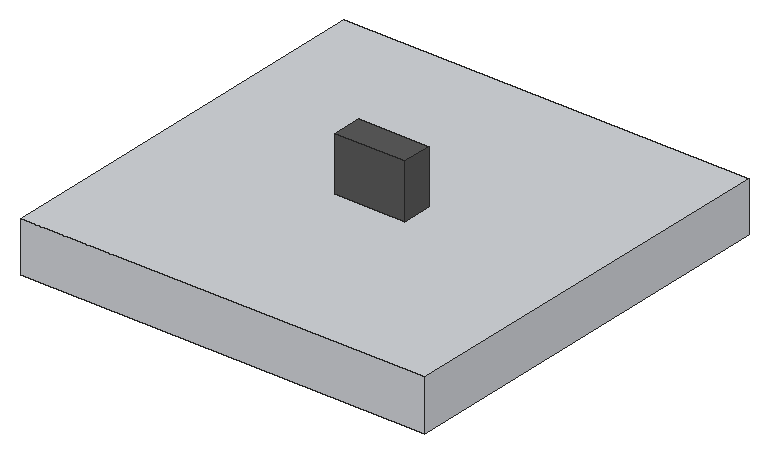
Revit family "2020.08.13", category Устройства связи, Revit 2018 (continued)
Definition of nested family "videomax_minitower"
  Lines and regions (mm)
    model lines, visible <- "Back_500", detail levels fine
      curve 912: line (-50.331, 285.755, 0) -> (-50.331, 258.773, 0)
      curve 1631: arc (1511.518, 293.734, 0) -> (1501.939, 269.317, 0) -> (1511.518, 244.899, 0) r 35.911
      curve 1632: arc (1515.5, 248.88, 0) -> (1507.566, 269.317, 0) -> (1515.5, 289.753, 0) r 30.29
      curve 1633: arc (1523.307, 281.946, 0) -> (1519.808, 276.057, 0) -> (1518.59, 269.317, 0) r 19.266
      curve 1634: arc (1518.59, 269.317, 0) -> (1519.808, 262.576, 0) -> (1523.307, 256.687, 0) r 19.266
      curve 1635: arc (1526.366, 259.746, 0) -> (1523.795, 264.228, 0) -> (1522.902, 269.317, 0) r 14.954
      curve 1636: arc (1522.902, 269.317, 0) -> (1523.795, 274.405, 0) -> (1526.366, 278.887, 0) r 14.954
      curve 1637: arc (1517.557, 287.695, 0) -> (1512.306, 279.165, 0) -> (1510.473, 269.317, 0) r 27.383
      curve 1638: arc (1510.473, 269.317, 0) -> (1512.306, 259.468, 0) -> (1517.557, 250.938, 0) r 27.383
      curve 1639: arc (1521.542, 254.923, 0) -> (1517.506, 261.622, 0) -> (1516.1, 269.317, 0) r 21.756
      curve 1640: arc (1516.1, 269.317, 0) -> (1517.506, 277.011, 0) -> (1521.542, 283.711, 0) r 21.756
      curve 1641: arc (1564.194, 293.734, 0) -> (1573.773, 269.317, 0) -> (1564.194, 244.899, 0) r 35.911
      curve 1642: arc (1560.213, 248.88, 0) -> (1568.146, 269.317, 0) -> (1560.213, 289.753, 0) r 30.29
      curve 1643: arc (1552.406, 281.946, 0) -> (1555.905, 276.057, 0) -> (1557.122, 269.317, 0) r 19.266
      curve 1644: arc (1557.122, 269.317, 0) -> (1555.905, 262.576, 0) -> (1552.406, 256.687, 0) r 19.266
      curve 1645: arc (1549.347, 259.746, 0) -> (1551.918, 264.228, 0) -> (1552.81, 269.317, 0) r 14.954
      curve 1646: arc (1552.81, 269.317, 0) -> (1551.918, 274.405, 0) -> (1549.347, 278.887, 0) r 14.954
      curve 1647: arc (1558.155, 287.695, 0) -> (1563.407, 279.165, 0) -> (1565.239, 269.317, 0) r 27.383
      curve 1648: arc (1565.239, 269.317, 0) -> (1563.407, 259.468, 0) -> (1558.155, 250.938, 0) r 27.383
      curve 1649: arc (1554.17, 254.923, 0) -> (1558.207, 261.622, 0) -> (1559.613, 269.317, 0) r 21.756
      curve 1650: arc (1559.613, 269.317, 0) -> (1558.207, 277.011, 0) -> (1554.17, 283.711, 0) r 21.756
      curve 1651: arc (1562.274, 242.979, 0) -> (1537.856, 233.4, 0) -> (1513.439, 242.979, 0) r 35.911
      curve 1652: arc (1517.42, 246.96, 0) -> (1537.856, 239.027, 0) -> (1558.293, 246.96, 0) r 30.29
      curve 1653: arc (1550.486, 254.767, 0) -> (1544.597, 251.268, 0) -> (1537.856, 250.05, 0) r 19.266
      curve 1654: arc (1537.856, 250.05, 0) -> (1531.116, 251.268, 0) -> (1525.227, 254.767, 0) r 19.266
      curve 1655: arc (1528.286, 257.826, 0) -> (1532.767, 255.255, 0) -> (1537.856, 254.363, 0) r 14.954
      curve 1656: arc (1537.856, 254.363, 0) -> (1542.945, 255.255, 0) -> (1547.427, 257.826, 0) r 14.954
      curve 1657: arc (1556.235, 249.018, 0) -> (1547.705, 243.766, 0) -> (1537.856, 241.934, 0) r 27.383
      curve 1658: arc (1537.856, 241.934, 0) -> (1528.008, 243.766, 0) -> (1519.478, 249.018, 0) r 27.383
      curve 1659: arc (1523.462, 253.002, 0) -> (1530.162, 248.966, 0) -> (1537.856, 247.56, 0) r 21.756
      curve 1660: arc (1537.856, 247.56, 0) -> (1545.55, 248.966, 0) -> (1552.25, 253.002, 0) r 21.756
      curve 1661: arc (1562.274, 295.654, 0) -> (1537.856, 305.233, 0) -> (1513.439, 295.654, 0) r 35.911
      curve 1662: arc (1517.42, 291.673, 0) -> (1537.856, 299.606, 0) -> (1558.293, 291.673, 0) r 30.29
      curve 1663: arc (1550.486, 283.866, 0) -> (1544.597, 287.365, 0) -> (1537.856, 288.583, 0) r 19.266
      curve 1664: arc (1537.856, 288.583, 0) -> (1531.116, 287.365, 0) -> (1525.227, 283.866, 0) r 19.266
      curve 1665: arc (1528.286, 280.807, 0) -> (1532.767, 283.378, 0) -> (1537.856, 284.27, 0) r 14.954
      curve 1666: arc (1537.856, 284.27, 0) -> (1542.945, 283.378, 0) -> (1547.427, 280.807, 0) r 14.954
      curve 1667: arc (1556.235, 289.615, 0) -> (1547.705, 294.867, 0) -> (1537.856, 296.699, 0) r 27.383
      curve 1668: arc (1537.856, 296.699, 0) -> (1528.008, 294.867, 0) -> (1519.478, 289.616, 0) r 27.383
      curve 1669: arc (1523.462, 285.631, 0) -> (1530.162, 289.667, 0) -> (1537.856, 291.073, 0) r 21.756
      curve 1670: arc (1537.856, 291.073, 0) -> (1545.55, 289.667, 0) -> (1552.25, 285.631, 0) r 21.756
      curve 1671: arc (1527.957, 172.093, 0) -> (1518.378, 147.676, 0) -> (1527.957, 123.258, 0) r 35.911
      curve 1672: arc (1531.938, 127.239, 0) -> (1524.005, 147.676, 0) -> (1531.938, 168.112, 0) r 30.29
      curve 1673: arc (1539.745, 160.305, 0) -> (1536.246, 154.416, 0) -> (1535.029, 147.676, 0) r 19.266
      curve 1674: arc (1535.029, 147.676, 0) -> (1536.246, 140.935, 0) -> (1539.745, 135.046, 0) r 19.266
      curve 1675: arc (1542.804, 138.105, 0) -> (1540.233, 142.587, 0) -> (1539.341, 147.676, 0) r 14.954
      curve 1676: arc (1539.341, 147.676, 0) -> (1540.233, 152.764, 0) -> (1542.804, 157.246, 0) r 14.954
      curve 1677: arc (1533.996, 166.054, 0) -> (1528.744, 157.524, 0) -> (1526.912, 147.676, 0) r 27.383
      curve 1678: arc (1526.912, 147.676, 0) -> (1528.744, 137.827, 0) -> (1533.996, 129.297, 0) r 27.383
      curve 1679: arc (1537.981, 133.282, 0) -> (1533.944, 139.981, 0) -> (1532.539, 147.676, 0) r 21.756
      curve 1680: arc (1532.539, 147.676, 0) -> (1533.945, 155.37, 0) -> (1537.981, 162.07, 0) r 21.756
      curve 1681: arc (1580.633, 172.093, 0) -> (1590.212, 147.676, 0) -> (1580.633, 123.258, 0) r 35.911
      curve 1682: arc (1576.652, 127.239, 0) -> (1584.585, 147.676, 0) -> (1576.651, 168.112, 0) r 30.29
      curve 1683: arc (1568.844, 160.305, 0) -> (1572.343, 154.416, 0) -> (1573.561, 147.676, 0) r 19.266
      curve 1684: arc (1573.561, 147.676, 0) -> (1572.343, 140.935, 0) -> (1568.844, 135.046, 0) r 19.266
      curve 1685: arc (1565.785, 138.105, 0) -> (1568.356, 142.587, 0) -> (1569.249, 147.676, 0) r 14.954
      curve 1686: arc (1569.249, 147.676, 0) -> (1568.356, 152.764, 0) -> (1565.785, 157.246, 0) r 14.954
      curve 1687: arc (1574.594, 166.054, 0) -> (1579.845, 157.524, 0) -> (1581.678, 147.676, 0) r 27.383
      curve 1688: arc (1581.678, 147.676, 0) -> (1579.845, 137.827, 0) -> (1574.594, 129.297, 0) r 27.383
      curve 1689: arc (1570.609, 133.282, 0) -> (1574.645, 139.981, 0) -> (1576.051, 147.676, 0) r 21.756
      curve 1690: arc (1576.051, 147.676, 0) -> (1574.645, 155.37, 0) -> (1570.609, 162.07, 0) r 21.756
      curve 1691: arc (1578.713, 121.338, 0) -> (1554.295, 111.759, 0) -> (1529.877, 121.338, 0) r 35.911
      curve 1692: arc (1533.858, 125.319, 0) -> (1554.295, 117.386, 0) -> (1574.731, 125.319, 0) r 30.29
      curve 1693: arc (1566.924, 133.126, 0) -> (1561.036, 129.627, 0) -> (1554.295, 128.409, 0) r 19.266
      curve 1694: arc (1554.295, 128.409, 0) -> (1547.554, 129.627, 0) -> (1541.666, 133.126, 0) r 19.266
      curve 1695: arc (1544.725, 136.185, 0) -> (1549.206, 133.614, 0) -> (1554.295, 132.722, 0) r 14.954
      curve 1696: arc (1554.295, 132.722, 0) -> (1559.384, 133.614, 0) -> (1563.865, 136.185, 0) r 14.954
      curve 1697: arc (1572.674, 127.377, 0) -> (1564.143, 122.125, 0) -> (1554.295, 120.293, 0) r 27.383
      curve 1698: arc (1554.295, 120.293, 0) -> (1544.446, 122.125, 0) -> (1535.916, 127.377, 0) r 27.383
      curve 1699: arc (1539.901, 131.361, 0) -> (1546.601, 127.325, 0) -> (1554.295, 125.919, 0) r 21.756
      curve 1700: arc (1554.295, 125.919, 0) -> (1561.989, 127.325, 0) -> (1568.689, 131.361, 0) r 21.756
      curve 1701: arc (1578.713, 174.013, 0) -> (1554.295, 183.592, 0) -> (1529.877, 174.013, 0) r 35.911
      curve 1702: arc (1533.858, 170.032, 0) -> (1554.295, 177.965, 0) -> (1574.731, 170.032, 0) r 30.29
      curve 1703: arc (1566.924, 162.225, 0) -> (1561.036, 165.724, 0) -> (1554.295, 166.942, 0) r 19.266
      curve 1704: arc (1554.295, 166.942, 0) -> (1547.554, 165.724, 0) -> (1541.666, 162.225, 0) r 19.266
      curve 1705: arc (1544.725, 159.166, 0) -> (1549.206, 161.737, 0) -> (1554.295, 162.629, 0) r 14.954
      curve 1706: arc (1554.295, 162.629, 0) -> (1559.384, 161.737, 0) -> (1563.865, 159.166, 0) r 14.954
      curve 1707: arc (1572.674, 167.974, 0) -> (1564.143, 173.226, 0) -> (1554.295, 175.058, 0) r 27.383
      curve 1708: arc (1554.295, 175.058, 0) -> (1544.446, 173.226, 0) -> (1535.916, 167.975, 0) r 27.383
      curve 1709: arc (1539.901, 163.99, 0) -> (1546.601, 168.026, 0) -> (1554.295, 169.432, 0) r 21.756
      curve 1710: arc (1554.295, 169.432, 0) -> (1561.989, 168.026, 0) -> (1568.689, 163.99, 0) r 21.756
      curve 1711: circle (1560.479, 66.389, 0) r 1.962 normal (0, 0, 1)
      curve 1712: circle (1563.875, 62.275, 0) r 1.962 normal (0, 0, 1)
      curve 1713: circle (1567.619, 66.389, 0) r 1.962 normal (0, 0, 1)
      curve 1714: circle (1560.573, 58.161, 0) r 1.962 normal (0, 0, 1)
      curve 1715: circle (1567.713, 58.161, 0) r 1.962 normal (0, 0, 1)
      curve 1716: circle (1571.014, 62.275, 0) r 1.962 normal (0, 0, 1)
      curve 1717: circle (1574.438, 66.389, 0) r 1.962 normal (0, 0, 1)
      curve 1718: circle (1581.577, 66.389, 0) r 1.962 normal (0, 0, 1)
      curve 1719: circle (1577.834, 62.275, 0) r 1.962 normal (0, 0, 1)
      curve 1720: circle (1584.973, 62.275, 0) r 1.962 normal (0, 0, 1)
      curve 1721: circle (1574.532, 58.161, 0) r 1.962 normal (0, 0, 1)
      curve 1722: circle (1581.672, 58.161, 0) r 1.962 normal (0, 0, 1)
      curve 1723: circle (1563.969, 54.048, 0) r 1.962 normal (0, 0, 1)
      curve 1724: circle (1560.668, 49.934, 0) r 1.962 normal (0, 0, 1)
      curve 1725: circle (1567.807, 49.934, 0) r 1.962 normal (0, 0, 1)
      curve 1726: circle (1571.109, 54.048, 0) r 1.962 normal (0, 0, 1)
      curve 1727: circle (1577.928, 54.048, 0) r 1.962 normal (0, 0, 1)
      curve 1728: circle (1585.067, 54.048, 0) r 1.962 normal (0, 0, 1)
      curve 1729: circle (1574.626, 49.934, 0) r 1.962 normal (0, 0, 1)
      curve 1730: circle (1581.766, 49.934, 0) r 1.962 normal (0, 0, 1)
      curve 1731: circle (1564.063, 45.82, 0) r 1.962 normal (0, 0, 1)
      curve 1732: circle (1560.762, 41.707, 0) r 1.962 normal (0, 0, 1)
      curve 1733: circle (1567.902, 41.707, 0) r 1.962 normal (0, 0, 1)
      curve 1734: circle (1571.203, 45.82, 0) r 1.962 normal (0, 0, 1)
      curve 1735: circle (1578.022, 45.82, 0) r 1.962 normal (0, 0, 1)
      curve 1736: circle (1585.162, 45.82, 0) r 1.962 normal (0, 0, 1)
      curve 1737: circle (1574.721, 41.707, 0) r 1.962 normal (0, 0, 1)
      curve 1738: circle (1581.86, 41.707, 0) r 1.962 normal (0, 0, 1)
      curve 1739: circle (1564.158, 37.593, 0) r 1.962 normal (0, 0, 1)
      curve 1740: circle (1560.856, 33.479, 0) r 1.962 normal (0, 0, 1)
      curve 1741: circle (1567.996, 33.479, 0) r 1.962 normal (0, 0, 1)
      curve 1742: circle (1571.297, 37.593, 0) r 1.962 normal (0, 0, 1)
      curve 1743: circle (1578.116, 37.593, 0) r 1.962 normal (0, 0, 1)
      curve 1744: circle (1585.256, 37.593, 0) r 1.962 normal (0, 0, 1)
      curve 1745: circle (1574.815, 33.479, 0) r 1.962 normal (0, 0, 1)
      curve 1746: circle (1581.955, 33.479, 0) r 1.962 normal (0, 0, 1)
      curve 1747: circle (1563.875, 29.365, 0) r 1.962 normal (0, 0, 1)
      curve 1748: circle (1560.573, 25.251, 0) r 1.962 normal (0, 0, 1)
      curve 1749: circle (1567.713, 25.251, 0) r 1.962 normal (0, 0, 1)
      curve 1750: circle (1571.014, 29.365, 0) r 1.962 normal (0, 0, 1)
      curve 1751: circle (1577.834, 29.365, 0) r 1.962 normal (0, 0, 1)
      curve 1752: circle (1584.973, 29.365, 0) r 1.962 normal (0, 0, 1)
      curve 1753: circle (1574.532, 25.251, 0) r 1.962 normal (0, 0, 1)
      curve 1754: circle (1581.672, 25.251, 0) r 1.962 normal (0, 0, 1)
      curve 1755: circle (1563.969, 21.138, 0) r 1.962 normal (0, 0, 1)
      curve 1756: circle (1560.668, 17.024, 0) r 1.962 normal (0, 0, 1)
      curve 1757: circle (1567.807, 17.024, 0) r 1.962 normal (0, 0, 1)
      curve 1758: circle (1571.109, 21.138, 0) r 1.962 normal (0, 0, 1)
      curve 1759: circle (1577.928, 21.138, 0) r 1.962 normal (0, 0, 1)
      curve 1760: circle (1585.067, 21.138, 0) r 1.962 normal (0, 0, 1)
      curve 1761: circle (1574.626, 17.024, 0) r 1.962 normal (0, 0, 1)
      curve 1762: circle (1581.766, 17.024, 0) r 1.962 normal (0, 0, 1)
      curve 1763: circle (1456.187, 46.164, 0) r 1.962 normal (0, 0, 1)
      curve 1764: circle (1460.717, 49.974, 0) r 1.962 normal (0, 0, 1)
      curve 1765: circle (1465.248, 46.27, 0) r 1.962 normal (0, 0, 1)
      curve 1766: circle (1469.779, 49.868, 0) r 1.962 normal (0, 0, 1)
      curve 1767: circle (1474.309, 46.27, 0) r 1.962 normal (0, 0, 1)
      curve 1768: circle (1478.84, 50.08, 0) r 1.962 normal (0, 0, 1)
      curve 1769: circle (1482.178, 65.594, 0) r 1.962 normal (0, 0, 1)
      curve 1770: circle (1504.439, 65.594, 0) r 1.962 normal (0, 0, 1)
      curve 1771: circle (1517.103, 65.594, 0) r 1.962 normal (0, 0, 1)
      curve 1772: circle (1539.364, 65.594, 0) r 1.962 normal (0, 0, 1)
      curve 1773: circle (1533.208, 49.815, 0) r 1.962 normal (0, 0, 1)
      curve 1774: circle (1528.677, 46.217, 0) r 1.962 normal (0, 0, 1)
      curve 1775: circle (1524.146, 49.815, 0) r 1.962 normal (0, 0, 1)
      curve 1776: circle (1519.616, 46.217, 0) r 1.962 normal (0, 0, 1)
      curve 1777: circle (1515.085, 50.08, 0) r 1.962 normal (0, 0, 1)
      curve 1778: circle (1510.554, 46.27, 0) r 1.962 normal (0, 0, 1)
      curve 1779: circle (1506.024, 49.868, 0) r 1.962 normal (0, 0, 1)
      curve 1780: circle (1501.493, 46.27, 0) r 1.962 normal (0, 0, 1)
      curve 1781: circle (1496.962, 49.974, 0) r 1.962 normal (0, 0, 1)
      curve 1782: circle (1487.901, 49.815, 0) r 1.962 normal (0, 0, 1)
      curve 1783: circle (1483.371, 46.217, 0) r 1.962 normal (0, 0, 1)
      curve 1784: circle (1492.432, 46.164, 0) r 1.962 normal (0, 0, 1)
      curve 1785: circle (1456.187, 27.414, 0) r 1.962 normal (0, 0, 1)
      curve 1786: circle (1460.717, 31.224, 0) r 1.962 normal (0, 0, 1)
      curve 1787: circle (1465.248, 27.52, 0) r 1.962 normal (0, 0, 1)
      curve 1788: circle (1469.779, 31.118, 0) r 1.962 normal (0, 0, 1)
      curve 1789: circle (1474.309, 27.52, 0) r 1.962 normal (0, 0, 1)
      curve 1790: circle (1478.84, 31.33, 0) r 1.962 normal (0, 0, 1)
      curve 1791: circle (1533.208, 31.065, 0) r 1.962 normal (0, 0, 1)
      curve 1792: circle (1528.677, 27.467, 0) r 1.962 normal (0, 0, 1)
      curve 1793: circle (1524.146, 31.065, 0) r 1.962 normal (0, 0, 1)
      curve 1794: circle (1519.616, 27.467, 0) r 1.962 normal (0, 0, 1)
      curve 1795: circle (1515.085, 31.33, 0) r 1.962 normal (0, 0, 1)
      curve 1796: circle (1510.554, 27.52, 0) r 1.962 normal (0, 0, 1)
      curve 1797: circle (1506.024, 31.118, 0) r 1.962 normal (0, 0, 1)
      curve 1798: circle (1501.493, 27.52, 0) r 1.962 normal (0, 0, 1)
      curve 1799: circle (1496.962, 31.224, 0) r 1.962 normal (0, 0, 1)
      curve 1800: circle (1487.901, 31.065, 0) r 1.962 normal (0, 0, 1)
      curve 1801: circle (1483.371, 27.467, 0) r 1.962 normal (0, 0, 1)
      curve 1802: circle (1492.432, 27.414, 0) r 1.962 normal (0, 0, 1)
      curve 1803: circle (1456.187, 8.664, 0) r 1.962 normal (0, 0, 1)
      curve 1804: circle (1460.717, 12.474, 0) r 1.962 normal (0, 0, 1)
      curve 1805: circle (1465.248, 8.77, 0) r 1.962 normal (0, 0, 1)
      curve 1806: circle (1469.779, 12.368, 0) r 1.962 normal (0, 0, 1)
      curve 1807: circle (1474.309, 8.77, 0) r 1.962 normal (0, 0, 1)
      curve 1808: circle (1478.84, 12.58, 0) r 1.962 normal (0, 0, 1)
      curve 1809: circle (1533.208, 12.315, 0) r 1.962 normal (0, 0, 1)
      curve 1810: circle (1528.677, 8.717, 0) r 1.962 normal (0, 0, 1)
      curve 1811: circle (1524.146, 12.315, 0) r 1.962 normal (0, 0, 1)
      curve 1812: circle (1519.616, 8.717, 0) r 1.962 normal (0, 0, 1)
      curve 1813: circle (1515.085, 12.58, 0) r 1.962 normal (0, 0, 1)
      curve 1814: circle (1510.554, 8.77, 0) r 1.962 normal (0, 0, 1)
      curve 1815: circle (1506.024, 12.368, 0) r 1.962 normal (0, 0, 1)
      curve 1816: circle (1501.493, 8.77, 0) r 1.962 normal (0, 0, 1)
      curve 1817: circle (1496.962, 12.474, 0) r 1.962 normal (0, 0, 1)
      curve 1818: circle (1487.901, 12.315, 0) r 1.962 normal (0, 0, 1)
      curve 1819: circle (1483.371, 8.717, 0) r 1.962 normal (0, 0, 1)
      curve 1820: circle (1492.432, 8.664, 0) r 1.962 normal (0, 0, 1)
      curve 1821: circle (1451.344, 122.916, 0) r 1.962 normal (0, 0, 1)
      curve 1822: circle (1451.344, 147.893, 0) r 1.962 normal (0, 0, 1)
      curve 1823: circle (1451.344, 163.607, 0) r 1.962 normal (0, 0, 1)
      curve 1824: circle (1451.344, 188.584, 0) r 1.962 normal (0, 0, 1)
      curve 1825: circle (1471.751, 181.601, 0) r 1.962 normal (0, 0, 1)
      curve 1826: circle (1450.767, 235.638, 0) r 2.679 normal (0, 0, 1)
      curve 1827: circle (1501.946, 233.42, 0) r 3 normal (0, 0, 1)
      curve 1828: circle (1518.385, 183.449, 0) r 3 normal (0, 0, 1)
      curve 1829: circle (1590.208, 183.589, 0) r 3 normal (0, 0, 1)
      curve 1830: circle (1581.603, 235.638, 0) r 3 normal (0, 0, 1)
      curve 1831: circle (1601.591, 262.073, 0) r 4.073 normal (0, 0, 1)
      curve 1832: circle (1573.77, 305.23, 0) r 3 normal (0, 0, 1)
      curve 1833: circle (1584.117, 312.728, 0) r 2.68 normal (0, 0, 1)
      curve 1834: circle (1501.946, 313.09, 0) r 3 normal (0, 0, 1)
      curve 1835: circle (1447.625, 312.728, 0) r 2.68 normal (0, 0, 1)
      curve 1836: circle (1452.294, 220.627, 0) r 4.977 normal (0, 0, 1)
      curve 1837: circle (1467.887, 220.627, 0) r 4.977 normal (0, 0, 1)
      curve 1838: circle (1471.751, 129.637, 0) r 1.962 normal (0, 0, 1)
      curve 1839: circle (1518.385, 111.779, 0) r 3 normal (0, 0, 1)
      curve 1840: circle (1590.208, 111.779, 0) r 3 normal (0, 0, 1)
      curve 1841: circle (1601.591, 40.75, 0) r 4.073 normal (0, 0, 1)
      curve 1842: arc (1499.948, 69.113, 0) -> (1500.567, 68.8, 0) -> (1500.635, 68.11, 0) r 0.72
      curve 1843: arc (1499.993, 62.931, 0) -> (1499.669, 62.309, 0) -> (1499.009, 62.074, 0) r 0.96
      curve 1844: arc (1487.921, 62.074, 0) -> (1487.247, 62.301, 0) -> (1486.897, 62.92, 0) r 0.996
      curve 1845: arc (1485.985, 67.966, 0) -> (1486.11, 68.727, 0) -> (1486.778, 69.113, 0) r 0.9
      curve 1846: arc (1534.873, 69.113, 0) -> (1535.492, 68.8, 0) -> (1535.56, 68.11, 0) r 0.72
      curve 1847: arc (1534.918, 62.931, 0) -> (1534.594, 62.309, 0) -> (1533.934, 62.074, 0) r 0.96
      curve 1848: arc (1522.846, 62.074, 0) -> (1522.173, 62.301, 0) -> (1521.822, 62.92, 0) r 0.996
      curve 1849: arc (1520.91, 67.966, 0) -> (1521.035, 68.727, 0) -> (1521.703, 69.113, 0) r 0.9
      curve 1850: arc (1455.334, 128.064, 0) -> (1454.983, 127.369, 0) -> (1454.209, 127.293, 0) r 0.807
      curve 1851: arc (1448.403, 128.013, 0) -> (1447.706, 128.377, 0) -> (1447.442, 129.117, 0) r 1.077
      curve 1852: arc (1447.442, 141.547, 0) -> (1447.697, 142.302, 0) -> (1448.391, 142.695, 0) r 1.116
      curve 1853: arc (1454.048, 143.717, 0) -> (1454.901, 143.578, 0) -> (1455.334, 142.829, 0) r 1.009
      curve 1854: arc (1455.334, 168.754, 0) -> (1454.983, 168.06, 0) -> (1454.209, 167.984, 0) r 0.807
      curve 1855: arc (1448.403, 168.704, 0) -> (1447.706, 169.067, 0) -> (1447.442, 169.808, 0) r 1.077
      curve 1856: arc (1447.442, 182.238, 0) -> (1447.697, 182.993, 0) -> (1448.391, 183.386, 0) r 1.116
      curve 1857: arc (1454.048, 184.408, 0) -> (1454.901, 184.269, 0) -> (1455.334, 183.52, 0) r 1.009
      curve 1858: arc (1475.741, 134.784, 0) -> (1475.39, 134.09, 0) -> (1474.616, 134.014, 0) r 0.807
      curve 1859: arc (1468.81, 134.734, 0) -> (1468.113, 135.097, 0) -> (1467.849, 135.838, 0) r 1.077
      curve 1860: arc (1467.849, 174.758, 0) -> (1468.104, 175.513, 0) -> (1468.798, 175.906, 0) r 1.116
      curve 1861: arc (1474.455, 176.928, 0) -> (1475.309, 176.789, 0) -> (1475.741, 176.04, 0) r 1.009
      curve 1866: arc (1465.333, 258.773, 0) -> (1465.603, 257.996, 0) -> (1466.347, 257.646, 0) r 1.061
      curve 1867: arc (1476.063, 257.646, 0) -> (1477.268, 257.825, 0) -> (1478.148, 258.667, 0) r 2.011
      curve 1868: arc (1477.853, 286.08, 0) -> (1477.046, 286.66, 0) -> (1476.063, 286.802, 0) r 2.093
      curve 1869: arc (1466.43, 286.802, 0) -> (1465.657, 286.514, 0) -> (1465.333, 285.755, 0) r 1.046
      curve 1870: line (1515.5, 289.753, 0) -> (1511.518, 293.734, 0)
      curve 1871: line (1511.518, 244.899, 0) -> (1515.5, 248.88, 0)
      curve 1872: line (1526.366, 278.887, 0) -> (1523.307, 281.946, 0)
      curve 1873: line (1523.307, 256.687, 0) -> (1526.366, 259.746, 0)
      curve 1874: line (1521.542, 283.711, 0) -> (1517.557, 287.695, 0)
      curve 1875: line (1517.557, 250.938, 0) -> (1521.542, 254.923, 0)
      curve 1876: line (1560.213, 289.753, 0) -> (1564.194, 293.734, 0)
      curve 1877: line (1564.194, 244.899, 0) -> (1560.213, 248.88, 0)
      curve 1878: line (1549.347, 278.887, 0) -> (1552.406, 281.946, 0)
      curve 1879: line (1552.406, 256.687, 0) -> (1549.347, 259.746, 0)
      curve 1880: line (1554.17, 283.711, 0) -> (1558.155, 287.695, 0)
      curve 1881: line (1558.155, 250.938, 0) -> (1554.17, 254.923, 0)
      curve 1882: line (1558.293, 246.96, 0) -> (1562.274, 242.979, 0)
      curve 1883: line (1513.439, 242.979, 0) -> (1517.42, 246.96, 0)
      curve 1884: line (1547.427, 257.826, 0) -> (1550.486, 254.767, 0)
      curve 1885: line (1525.227, 254.767, 0) -> (1528.286, 257.826, 0)
      curve 1886: line (1552.25, 253.002, 0) -> (1556.235, 249.018, 0)
      curve 1887: line (1519.478, 249.018, 0) -> (1523.462, 253.002, 0)
      curve 1888: line (1558.293, 291.673, 0) -> (1562.274, 295.654, 0)
      curve 1889: line (1513.439, 295.654, 0) -> (1517.42, 291.673, 0)
      curve 1890: line (1547.427, 280.807, 0) -> (1550.486, 283.866, 0)
      curve 1891: line (1525.227, 283.866, 0) -> (1528.286, 280.807, 0)
      curve 1892: line (1552.25, 285.631, 0) -> (1556.235, 289.615, 0)
      curve 1893: line (1519.478, 289.616, 0) -> (1523.462, 285.631, 0)
      curve 1894: line (1531.938, 168.112, 0) -> (1527.957, 172.093, 0)
      curve 1895: line (1527.957, 123.258, 0) -> (1531.938, 127.239, 0)
      curve 1896: line (1542.804, 157.246, 0) -> (1539.745, 160.305, 0)
      curve 1897: line (1539.745, 135.046, 0) -> (1542.804, 138.105, 0)
      curve 1898: line (1537.981, 162.07, 0) -> (1533.996, 166.054, 0)
      curve 1899: line (1533.996, 129.297, 0) -> (1537.981, 133.282, 0)
      curve 1900: line (1576.651, 168.112, 0) -> (1580.633, 172.093, 0)
      curve 1901: line (1580.633, 123.258, 0) -> (1576.652, 127.239, 0)
      curve 1902: line (1565.785, 157.246, 0) -> (1568.844, 160.305, 0)
      curve 1903: line (1568.844, 135.046, 0) -> (1565.785, 138.105, 0)
      curve 1904: line (1570.609, 162.07, 0) -> (1574.594, 166.054, 0)
      curve 1905: line (1574.594, 129.297, 0) -> (1570.609, 133.282, 0)
      curve 1906: line (1574.731, 125.319, 0) -> (1578.713, 121.338, 0)
      curve 1907: line (1529.877, 121.338, 0) -> (1533.858, 125.319, 0)
      curve 1908: line (1563.865, 136.185, 0) -> (1566.924, 133.126, 0)
      curve 1909: line (1541.666, 133.126, 0) -> (1544.725, 136.185, 0)
      curve 1910: line (1568.689, 131.361, 0) -> (1572.674, 127.377, 0)
      curve 1911: line (1535.916, 127.377, 0) -> (1539.901, 131.361, 0)
      curve 1912: line (1574.731, 170.032, 0) -> (1578.713, 174.013, 0)
      curve 1913: line (1529.877, 174.013, 0) -> (1533.858, 170.032, 0)
      curve 1914: line (1563.865, 159.166, 0) -> (1566.924, 162.225, 0)
      curve 1915: line (1541.666, 162.225, 0) -> (1544.725, 159.166, 0)
      curve 1916: line (1568.689, 163.99, 0) -> (1572.674, 167.974, 0)
      curve 1917: line (1535.916, 167.975, 0) -> (1539.901, 163.99, 0)
      curve 1924: line (1456.753, 113.869, 0) -> (1447.14, 113.869, 0)
      curve 1925: line (1447.14, 113.869, 0) -> (1447.14, 96.512, 0)
      curve 1926: line (1447.14, 96.512, 0) -> (1456.753, 96.512, 0)
      curve 1927: line (1456.753, 96.512, 0) -> (1456.753, 101.883, 0)
      curve 1928: line (1456.753, 101.883, 0) -> (1458.42, 101.883, 0)
      curve 1929: line (1458.42, 101.883, 0) -> (1458.42, 108.637, 0)
      curve 1930: line (1458.42, 108.637, 0) -> (1456.753, 108.637, 0)
      curve 1931: line (1456.753, 108.637, 0) -> (1456.753, 113.869, 0)
      curve 1932: line (1456.753, 92.79, 0) -> (1447.14, 92.79, 0)
      curve 1933: line (1447.14, 92.79, 0) -> (1447.14, 75.433, 0)
      curve 1934: line (1447.14, 75.433, 0) -> (1456.753, 75.433, 0)
      curve 1935: line (1456.753, 75.433, 0) -> (1456.753, 80.804, 0)
      curve 1936: line (1456.753, 80.804, 0) -> (1458.42, 80.804, 0)
      curve 1937: line (1458.42, 80.804, 0) -> (1458.42, 87.558, 0)
      curve 1938: line (1458.42, 87.558, 0) -> (1456.753, 87.558, 0)
      curve 1939: line (1456.753, 87.558, 0) -> (1456.753, 92.79, 0)
      curve 1972: line (1447.817, 210.66, 0) -> (1454.856, 210.66, 0)
      curve 1973: line (1454.856, 210.66, 0) -> (1454.856, 194.875, 0)
      curve 1974: line (1454.856, 194.875, 0) -> (1447.817, 194.875, 0)
      curve 1975: line (1447.817, 194.875, 0) -> (1447.817, 210.66, 0)
      curve 1976: line (1457.558, 210.66, 0) -> (1464.597, 210.66, 0)
      curve 1977: line (1464.597, 210.66, 0) -> (1464.597, 194.875, 0)
      curve 1978: line (1464.597, 194.875, 0) -> (1457.558, 194.875, 0)
      curve 1979: line (1457.558, 194.875, 0) -> (1457.558, 210.66, 0)
      curve 1980: line (1486.778, 69.113, 0) -> (1499.948, 69.113, 0)
      curve 1981: line (1500.635, 68.11, 0) -> (1499.993, 62.931, 0)
      curve 1982: line (1499.009, 62.074, 0) -> (1487.921, 62.074, 0)
      curve 1983: line (1486.897, 62.92, 0) -> (1485.985, 67.966, 0)
      curve 1984: line (1521.703, 69.113, 0) -> (1534.873, 69.113, 0)
      curve 1985: line (1535.56, 68.11, 0) -> (1534.918, 62.931, 0)
      curve 1986: line (1533.934, 62.074, 0) -> (1522.846, 62.074, 0)
      curve 1987: line (1521.822, 62.92, 0) -> (1520.91, 67.966, 0)
      curve 1988: line (1455.334, 142.829, 0) -> (1455.334, 128.064, 0)
      curve 1989: line (1454.209, 127.293, 0) -> (1448.403, 128.013, 0)
      curve 1990: line (1447.442, 129.117, 0) -> (1447.442, 141.547, 0)
      curve 1991: line (1448.391, 142.695, 0) -> (1454.048, 143.717, 0)
      curve 1992: line (1455.334, 183.52, 0) -> (1455.334, 168.754, 0)
      curve 1993: line (1454.209, 167.984, 0) -> (1448.403, 168.704, 0)
      curve 1994: line (1447.442, 169.808, 0) -> (1447.442, 182.238, 0)
      curve 1995: line (1448.391, 183.386, 0) -> (1454.048, 184.408, 0)
      curve 1996: line (1475.741, 176.04, 0) -> (1475.741, 134.784, 0)
      curve 1997: line (1474.616, 134.014, 0) -> (1468.81, 134.734, 0)
      curve 1998: line (1467.849, 135.838, 0) -> (1467.849, 174.758, 0)
      curve 1999: line (1468.798, 175.906, 0) -> (1474.455, 176.928, 0)
      curve 2004: line (1471.091, 279.433, 0) -> (1473.473, 279.433, 0)
      curve 2005: line (1473.473, 279.433, 0) -> (1473.473, 280.809, 0)
      curve 2006: line (1473.473, 280.809, 0) -> (1471.091, 280.809, 0)
      curve 2007: line (1471.091, 280.809, 0) -> (1471.091, 279.433, 0)
      curve 2008: line (1471.091, 263.633, 0) -> (1473.473, 263.633, 0)
      curve 2009: line (1473.473, 263.633, 0) -> (1473.473, 265.009, 0)
      curve 2010: line (1473.473, 265.009, 0) -> (1471.091, 265.009, 0)
      curve 2011: line (1471.091, 265.009, 0) -> (1471.091, 263.633, 0)
      curve 2012: line (1475.242, 271.536, 0) -> (1477.623, 271.536, 0)
      curve 2013: line (1477.623, 271.536, 0) -> (1477.623, 272.911, 0)
      curve 2014: line (1477.623, 272.911, 0) -> (1475.242, 272.911, 0)
      curve 2015: line (1475.242, 272.911, 0) -> (1475.242, 271.536, 0)
      curve 2017: line (1466.347, 257.646, 0) -> (1476.063, 257.646, 0)
      curve 2018: line (1478.148, 258.667, 0) -> (1482.6, 264.426, 0)
      curve 2019: line (1482.6, 264.426, 0) -> (1482.443, 281.325, 0)
      curve 2020: line (1482.443, 281.325, 0) -> (1477.853, 286.08, 0)
      curve 2021: line (1476.063, 286.802, 0) -> (1466.43, 286.802, 0)
      curve 2022: line (1465.333, 285.755, 0) -> (1465.333, 258.773, 0)
    model lines, visible <- "Back", detail levels fine
      curve 708: arc (-29.376, 287.199, 0) -> (-30.025, 288.971, 0) -> (-31.749, 289.739, 0) r 2.421
      curve 709: arc (-50.475, 289.739, 0) -> (-52.294, 289.109, 0) -> (-53.189, 287.404, 0) r 2.616
      curve 710: arc (-53.189, 257.248, 0) -> (-52.505, 255.478, 0) -> (-50.77, 254.708, 0) r 2.483
      curve 711: arc (-32.081, 254.708, 0) -> (-30.232, 255.367, 0) -> (-29.376, 257.134, 0) r 2.589
      curve 808: line (-90, 325, 0) -> (90, 325, 0)
      curve 809: line (90, 316.984, 0) -> (-90, 316.984, 0)
      curve 810: line (-81.854, 316.984, 0) -> (-81.854, 0, 0)
      curve 811: line (-90, 0, 0) -> (-90, 325, 0)
      curve 812: line (81.854, 316.984, 0) -> (81.854, 0, 0)
      curve 813: line (90, 0, 0) -> (90, 325, 0)
      curve 830: line (59.718, 308.704, 0) -> (71.854, 295.602, 0)
      curve 831: line (71.854, 295.602, 0) -> (71.854, 248.905, 0)
      curve 832: line (71.854, 248.905, 0) -> (53.596, 229.279, 0)
      curve 833: line (53.596, 229.279, 0) -> (-52.63, 229.279, 0)
      curve 834: line (-52.63, 229.279, 0) -> (-71.854, 250.027, 0)
      curve 835: line (-71.854, 250.027, 0) -> (-71.854, 294.522, 0)
      curve 836: line (-71.854, 294.522, 0) -> (-58.719, 308.704, 0)
      curve 837: line (-58.719, 308.704, 0) -> (59.718, 308.704, 0)
      curve 838: line (-74.555, 73.411, 0) -> (30.69, 73.411, 0)
      curve 839: line (30.69, 73.411, 0) -> (30.69, 0, 0)
      curve 840: line (30.69, 0, 0) -> (-74.555, 0, 0)
      curve 841: line (-74.555, 0, 0) -> (-74.555, 73.411, 0)
      curve 842: line (30.691, 16.39, 0) -> (-70.045, 16.39, 0)
      curve 843: line (-70.045, 16.39, 0) -> (-70.045, 2.208, 0)
      curve 844: line (-70.045, 2.208, 0) -> (30.691, 2.208, 0)
      curve 845: line (30.691, 2.208, 0) -> (30.691, 16.39, 0)
      curve 846: line (30.691, 35.14, 0) -> (-70.045, 35.14, 0)
      curve 847: line (-70.045, 35.14, 0) -> (-70.045, 20.958, 0)
      curve 848: line (-70.045, 20.958, 0) -> (30.691, 20.958, 0)
      curve 849: line (30.691, 20.958, 0) -> (30.691, 35.14, 0)
      curve 850: line (30.691, 53.89, 0) -> (-70.045, 53.89, 0)
      curve 851: line (-70.045, 53.89, 0) -> (-70.045, 39.708, 0)
      curve 852: line (-70.045, 39.708, 0) -> (30.691, 39.708, 0)
      curve 853: line (30.691, 39.708, 0) -> (30.691, 53.89, 0)
      curve 854: line (30.691, 71.869, 0) -> (-70.045, 71.869, 0)
      curve 855: line (-70.045, 71.869, 0) -> (-70.045, 59.229, 0)
      curve 856: line (-70.045, 59.229, 0) -> (30.691, 59.229, 0)
      curve 857: line (30.691, 59.229, 0) -> (30.691, 71.869, 0)
      curve 858: line (-74.555, 227.411, 0) -> (-30.556, 227.411, 0)
      curve 859: line (-30.556, 227.411, 0) -> (-30.556, 73.411, 0)
      curve 860: line (-30.556, 73.411, 0) -> (-74.555, 73.411, 0)
      curve 861: line (-74.555, 73.411, 0) -> (-74.555, 227.411, 0)
      curve 890: line (-31.749, 289.739, 0) -> (-50.475, 289.739, 0)
      curve 891: line (-53.189, 287.404, 0) -> (-53.189, 257.248, 0)
      curve 892: line (-50.77, 254.708, 0) -> (-32.081, 254.708, 0)
      curve 893: line (-29.376, 257.134, 0) -> (-29.376, 287.199, 0)
      curve 906: line (-90, 0, 0) -> (90, 0, 0)
      curve 1862: arc (1486.288, 287.199, 0) -> (1485.639, 288.971, 0) -> (1483.915, 289.739, 0) r 2.421
      curve 1863: arc (1465.189, 289.739, 0) -> (1463.37, 289.109, 0) -> (1462.475, 287.404, 0) r 2.616
      curve 1864: arc (1462.475, 257.248, 0) -> (1463.159, 255.478, 0) -> (1464.894, 254.708, 0) r 2.483
      curve 1865: arc (1483.583, 254.708, 0) -> (1485.432, 255.367, 0) -> (1486.288, 257.134, 0) r 2.589
      curve 1918: line (1425.664, 325, 0) -> (1605.664, 325, 0)
      curve 1919: line (1605.664, 316.984, 0) -> (1425.664, 316.984, 0)
      curve 1920: line (1433.81, 316.984, 0) -> (1433.81, 0, 0)
      curve 1921: line (1425.664, 0, 0) -> (1425.664, 325, 0)
      curve 1922: line (1597.518, 316.984, 0) -> (1597.518, 0, 0)
      curve 1923: line (1605.664, 0, 0) -> (1605.664, 325, 0)
      curve 1940: line (1575.382, 308.704, 0) -> (1587.518, 295.602, 0)
      curve 1941: line (1587.518, 295.602, 0) -> (1587.518, 248.905, 0)
      curve 1942: line (1587.518, 248.905, 0) -> (1569.26, 229.279, 0)
      curve 1943: line (1569.26, 229.279, 0) -> (1463.034, 229.279, 0)
      curve 1944: line (1463.034, 229.279, 0) -> (1443.81, 250.027, 0)
      curve 1945: line (1443.81, 250.027, 0) -> (1443.81, 294.522, 0)
      curve 1946: line (1443.81, 294.522, 0) -> (1456.945, 308.704, 0)
      curve 1947: line (1456.945, 308.704, 0) -> (1575.382, 308.704, 0)
      curve 1948: line (1441.108, 73.411, 0) -> (1546.354, 73.411, 0)
      curve 1949: line (1546.354, 73.411, 0) -> (1546.354, 0, 0)
      curve 1950: line (1546.354, 0, 0) -> (1441.108, 0, 0)
      curve 1951: line (1441.108, 0, 0) -> (1441.108, 73.411, 0)
      curve 1952: line (1546.355, 16.39, 0) -> (1445.618, 16.39, 0)
      curve 1953: line (1445.618, 16.39, 0) -> (1445.618, 2.208, 0)
      curve 1954: line (1445.618, 2.208, 0) -> (1546.355, 2.208, 0)
      curve 1955: line (1546.355, 2.208, 0) -> (1546.355, 16.39, 0)
      curve 1956: line (1546.355, 35.14, 0) -> (1445.618, 35.14, 0)
      curve 1957: line (1445.618, 35.14, 0) -> (1445.618, 20.958, 0)
      curve 1958: line (1445.618, 20.958, 0) -> (1546.355, 20.958, 0)
      curve 1959: line (1546.355, 20.958, 0) -> (1546.355, 35.14, 0)
      curve 1960: line (1546.355, 53.89, 0) -> (1445.618, 53.89, 0)
      curve 1961: line (1445.618, 53.89, 0) -> (1445.618, 39.708, 0)
      curve 1962: line (1445.618, 39.708, 0) -> (1546.355, 39.708, 0)
      curve 1963: line (1546.355, 39.708, 0) -> (1546.355, 53.89, 0)
      curve 1964: line (1546.355, 71.869, 0) -> (1445.618, 71.869, 0)
      curve 1965: line (1445.618, 71.869, 0) -> (1445.618, 59.229, 0)
      curve 1966: line (1445.618, 59.229, 0) -> (1546.355, 59.229, 0)
      curve 1967: line (1546.355, 59.229, 0) -> (1546.355, 71.869, 0)
      curve 1968: line (1441.108, 227.411, 0) -> (1485.108, 227.411, 0)
      curve 1969: line (1485.108, 227.411, 0) -> (1485.108, 73.411, 0)
      curve 1970: line (1485.108, 73.411, 0) -> (1441.108, 73.411, 0)
      curve 1971: line (1441.108, 73.411, 0) -> (1441.108, 227.411, 0)
      curve 2000: line (1483.915, 289.739, 0) -> (1465.189, 289.739, 0)
      curve 2001: line (1462.475, 287.404, 0) -> (1462.475, 257.248, 0)
      curve 2002: line (1464.894, 254.708, 0) -> (1483.583, 254.708, 0)
      curve 2003: line (1486.288, 257.134, 0) -> (1486.288, 287.199, 0)
      curve 2016: line (1425.664, 0, 0) -> (1605.664, 0, 0)
    model lines, visible <- "Right_500", detail levels fine
      curve 801: line (-212.499, 0, 0) -> (212.499, 0, 0)
      curve 802: line (212.499, 0, 0) -> (212.499, 325, 0)
      curve 803: line (212.499, 325, 0) -> (-212.499, 325, 0)
      curve 804: line (-212.499, 325, 0) -> (-212.499, 0, 0)
      curve 805: line (-178.484, 316.704, 0) -> (212.499, 316.704, 0)
      curve 806: line (-212.501, 316.85, 0) -> (-212.501, 0.001, 0)
      curve 807: line (-178.484, 0.001, 0) -> (-178.484, 325, 0)
      curve 1624: line (922.21, 0, 0) -> (1347.209, 0, 0)
      curve 1625: line (1347.209, 0, 0) -> (1347.209, 325, 0)
      curve 1626: line (1347.209, 325, 0) -> (922.21, 325, 0)
      curve 1627: line (922.21, 325, 0) -> (922.21, 0, 0)
      curve 1628: line (956.225, 316.704, 0) -> (1347.209, 316.704, 0)
      curve 1629: line (922.209, 316.85, 0) -> (922.209, 0.001, 0)
      curve 1630: line (956.225, 0.001, 0) -> (956.225, 325, 0)
    model lines, visible <- "Front_500", detail levels fine
      curve 913: circle (133.677, 205.543, 0) r 2.53 normal (0, 0, 1)
      curve 914: circle (150.379, 205.543, 0) r 2.53 normal (0, 0, 1)
      curve 915: circle (133.677, 198.043, 0) r 1.455 normal (0, 0, 1)
      curve 916: circle (29.179, 176.659, 0) r 3.407 normal (0, 0, 1)
      curve 917: circle (43.665, 176.659, 0) r 3.407 normal (0, 0, 1)
      curve 918: circle (109.706, 176.659, 0) r 5.399 normal (0, 0, 1)
      curve 919: circle (138.004, 176.659, 0) r 8.141 normal (0, 0, 1)
      curve 920: arc (136.007, 178.653, 0) -> (138.004, 173.84, 0) -> (140.002, 178.653, 0) r 2.821
      curve 921: arc (148.627, 196.538, 0) -> (150.379, 195.662, 0) -> (152.131, 196.538, 0) r 2.19
      curve 922: arc (152.131, 199.209, 0) -> (150.379, 200.167, 0) -> (148.627, 199.209, 0) r 2.081
      curve 923: arc (148.627, 199.209, 0) -> (150.379, 198.333, 0) -> (152.131, 199.209, 0) r 2.19
      curve 924: arc (76.484, 156.768, 0) -> (76.872, 157.729, 0) -> (77.833, 158.118, 0) r 1.327
      curve 925: arc (104.228, 158.118, 0) -> (105.237, 157.722, 0) -> (105.633, 156.714, 0) r 1.356
      curve 926: arc (105.633, 130.309, 0) -> (105.184, 129.32, 0) -> (104.155, 128.969, 0) r 1.37
      curve 927: arc (77.654, 128.969, 0) -> (76.841, 129.394, 0) -> (76.484, 130.239, 0) r 1.36
      curve 928: arc (80.573, 137.078, 0) -> (80.398, 136.801, 0) -> (80.112, 136.64, 0) r 0.669
      curve 929: arc (80.112, 136.64, 0) -> (79.823, 136.605, 0) -> (79.534, 136.64, 0) r 1.221
      curve 930: arc (79.534, 136.64, 0) -> (79.247, 136.8, 0) -> (79.071, 137.078, 0) r 0.666
      curve 931: arc (85.033, 139.648, 0) -> (85.706, 139.473, 0) -> (86.122, 138.917, 0) r 1.05
      curve 932: arc (86.122, 138.917, 0) -> (86.202, 138.086, 0) -> (86.092, 137.258, 0) r 3.691
      curve 933: arc (86.092, 137.258, 0) -> (85.676, 136.77, 0) -> (85.048, 136.64, 0) r 0.991
      curve 934: arc (83.697, 136.64, 0) -> (83.351, 136.743, 0) -> (83.203, 137.072, 0) r 0.433
      curve 935: arc (83.203, 139.129, 0) -> (83.306, 139.501, 0) -> (83.662, 139.648, 0) r 0.438
      curve 936: arc (84.174, 138.735, 0) -> (84.197, 138.85, 0) -> (84.293, 138.917, 0) r 0.158
      curve 937: arc (84.293, 138.917, 0) -> (84.487, 138.926, 0) -> (84.68, 138.917, 0) r 2.175
      curve 938: arc (84.68, 138.917, 0) -> (85.001, 138.798, 0) -> (85.168, 138.5, 0) r 0.495
      curve 939: arc (85.168, 138.5, 0) -> (85.205, 138.174, 0) -> (85.183, 137.847, 0) r 1.804
      curve 940: arc (85.183, 137.847, 0) -> (85.093, 137.584, 0) -> (84.863, 137.428, 0) r 0.439
      curve 941: arc (84.863, 137.428, 0) -> (84.621, 137.389, 0) -> (84.376, 137.387, 0) r 1.635
      curve 942: arc (84.376, 137.387, 0) -> (84.231, 137.426, 0) -> (84.174, 137.565, 0) r 0.169
      curve 943: arc (86.546, 139.199, 0) -> (86.67, 139.523, 0) -> (86.994, 139.648, 0) r 0.425
      curve 944: arc (87.696, 138.917, 0) -> (87.564, 138.874, 0) -> (87.517, 138.744, 0) r 0.158
      curve 945: arc (87.517, 137.521, 0) -> (87.575, 137.395, 0) -> (87.712, 137.37, 0) r 0.15
      curve 946: arc (87.048, 136.64, 0) -> (86.674, 136.751, 0) -> (86.546, 137.121, 0) r 0.428
      curve 947: arc (89.505, 138.917, 0) -> (89.847, 139.437, 0) -> (90.433, 139.648, 0) r 0.982
      curve 948: arc (90.433, 139.648, 0) -> (91.084, 139.682, 0) -> (91.735, 139.648, 0) r 6.122
      curve 949: arc (91.735, 139.648, 0) -> (92.322, 139.44, 0) -> (92.662, 138.917, 0) r 0.967
      curve 950: arc (92.662, 138.917, 0) -> (92.738, 138.086, 0) -> (92.623, 137.258, 0) r 3.655
      curve 951: arc (92.623, 137.258, 0) -> (92.271, 136.815, 0) -> (91.733, 136.64, 0) r 0.985
      curve 952: arc (91.733, 136.64, 0) -> (91.089, 136.605, 0) -> (90.445, 136.64, 0) r 6.021
      curve 953: arc (90.445, 136.64, 0) -> (89.9, 136.811, 0) -> (89.544, 137.258, 0) r 0.975
      curve 954: arc (89.544, 137.258, 0) -> (89.429, 138.086, 0) -> (89.505, 138.917, 0) r 3.652
      curve 955: arc (90.448, 138.5, 0) -> (90.581, 138.771, 0) -> (90.845, 138.917, 0) r 0.501
      curve 956: arc (90.845, 138.917, 0) -> (91.092, 138.934, 0) -> (91.339, 138.916, 0) r 1.717
      curve 957: arc (91.339, 138.916, 0) -> (91.592, 138.765, 0) -> (91.722, 138.5, 0) r 0.517
      curve 958: arc (91.722, 138.5, 0) -> (91.741, 138.174, 0) -> (91.73, 137.847, 0) r 3.538
      curve 959: arc (91.73, 137.847, 0) -> (91.594, 137.527, 0) -> (91.283, 137.37, 0) r 0.506
      curve 960: arc (91.283, 137.37, 0) -> (91.059, 137.353, 0) -> (90.836, 137.37, 0) r 1.454
      curve 961: arc (90.836, 137.37, 0) -> (90.559, 137.541, 0) -> (90.448, 137.847, 0) r 0.493
      curve 962: arc (90.448, 137.847, 0) -> (90.426, 138.174, 0) -> (90.448, 138.5, 0) r 2.406
      curve 963: arc (94.599, 136.967, 0) -> (94.704, 136.762, 0) -> (94.898, 136.64, 0) r 0.437
      curve 964: arc (95.413, 136.634, 0) -> (95.62, 136.755, 0) -> (95.732, 136.967, 0) r 0.437
      curve 965: arc (97.254, 139.162, 0) -> (97.144, 139.485, 0) -> (96.844, 139.648, 0) r 0.469
      curve 966: arc (96.844, 139.648, 0) -> (96.52, 139.682, 0) -> (96.196, 139.648, 0) r 1.531
      curve 967: arc (96.196, 139.648, 0) -> (95.912, 139.482, 0) -> (95.746, 139.198, 0) r 0.642
      curve 968: arc (95.251, 137.705, 0) -> (95.166, 137.625, 0) -> (95.082, 137.705, 0) r 0.085
      curve 969: arc (94.583, 139.204, 0) -> (94.417, 139.484, 0) -> (94.136, 139.647, 0) r 0.645
      curve 970: arc (94.136, 139.647, 0) -> (93.813, 139.682, 0) -> (93.491, 139.648, 0) r 1.515
      curve 971: arc (93.491, 139.648, 0) -> (93.195, 139.484, 0) -> (93.082, 139.165, 0) r 0.478
      curve 972: arc (99.826, 139.322, 0) -> (99.69, 139.527, 0) -> (99.475, 139.648, 0) r 0.524
      curve 973: arc (99.475, 139.648, 0) -> (99.145, 139.682, 0) -> (98.815, 139.648, 0) r 1.588
      curve 974: arc (98.815, 139.648, 0) -> (98.592, 139.533, 0) -> (98.455, 139.322, 0) r 0.487
      curve 975: arc (85.094, 145.191, 0) -> (85.219, 145.101, 0) -> (85.344, 145.191, 0) r 0.132
      curve 976: arc (86.859, 149.238, 0) -> (87.42, 150.064, 0) -> (88.339, 150.451, 0) r 1.757
      curve 977: arc (88.339, 150.451, 0) -> (88.963, 150.479, 0) -> (89.581, 150.39, 0) r 3.339
      curve 978: arc (87.144, 143.89, 0) -> (86.695, 143.179, 0) -> (85.962, 142.768, 0) r 1.716
      curve 979: arc (85.962, 142.768, 0) -> (85.22, 142.678, 0) -> (84.479, 142.766, 0) r 3.132
      curve 980: arc (84.479, 142.766, 0) -> (83.743, 143.177, 0) -> (83.292, 143.89, 0) r 1.708
      curve 981: arc (90.235, 150.014, 0) -> (90.526, 149.661, 0) -> (90.733, 149.253, 0) r 2.097
      curve 982: arc (93.475, 149.259, 0) -> (93.824, 149.864, 0) -> (94.378, 150.289, 0) r 1.789
      curve 983: arc (94.378, 150.289, 0) -> (95.392, 150.482, 0) -> (96.409, 150.301, 0) r 2.857
      curve 984: arc (96.409, 150.301, 0) -> (96.98, 149.875, 0) -> (97.338, 149.259, 0) r 1.781
      curve 985: arc (95.564, 147.87, 0) -> (95.407, 147.997, 0) -> (95.249, 147.87, 0) r 0.161
      curve 1011: line (54.13, 173.523, 0) -> (68.325, 173.523, 0)
      curve 1012: line (68.325, 173.523, 0) -> (68.325, 179.795, 0)
      curve 1013: line (68.325, 179.795, 0) -> (54.13, 179.795, 0)
      curve 1014: line (54.13, 179.795, 0) -> (54.13, 173.523, 0)
      curve 1015: line (73.313, 179.795, 0) -> (87.508, 179.795, 0)
      curve 1016: line (87.508, 179.795, 0) -> (87.508, 173.523, 0)
      curve 1017: line (87.508, 173.523, 0) -> (73.313, 173.523, 0)
      curve 1018: line (73.313, 173.523, 0) -> (73.313, 179.795, 0)
      curve 1019: line (56.24, 177.388, 0) -> (66.215, 177.388, 0)
      curve 1020: line (75.423, 177.388, 0) -> (85.398, 177.388, 0)
      curve 1021: line (109.673, 174.162, 0) -> (107.238, 178.379, 0)
      curve 1022: line (107.238, 178.379, 0) -> (112.107, 178.379, 0)
      curve 1023: line (112.107, 178.379, 0) -> (109.673, 174.162, 0)
      curve 1024: line (138.004, 179.882, 0) -> (138.004, 176.837, 0)
      curve 1025: line (133.697, 199.498, 0) -> (133.717, 200.954, 0)
      curve 1026: line (134.947, 198.753, 0) -> (136.217, 199.464, 0)
      curve 1027: line (132.426, 198.788, 0) -> (131.176, 199.533, 0)
      curve 1028: line (133.697, 196.588, 0) -> (133.717, 195.133, 0)
      curve 1029: line (134.947, 197.333, 0) -> (136.217, 196.623, 0)
      curve 1030: line (132.426, 197.298, 0) -> (131.176, 196.553, 0)
      curve 1031: line (148.627, 199.209, 0) -> (148.627, 196.538, 0)
      curve 1032: line (152.131, 196.538, 0) -> (152.131, 199.209, 0)
      curve 1033: line (77.833, 158.118, 0) -> (104.228, 158.118, 0)
      curve 1034: line (105.633, 156.714, 0) -> (105.633, 130.309, 0)
      curve 1035: line (104.155, 128.969, 0) -> (77.654, 128.969, 0)
      curve 1036: line (76.484, 130.239, 0) -> (76.484, 156.768, 0)
      curve 1037: line (98.831, 137.946, 0) -> (99.447, 137.946, 0)
      curve 1038: line (99.447, 137.946, 0) -> (99.178, 138.712, 0)
      curve 1039: line (99.178, 138.712, 0) -> (98.831, 137.946, 0)
      curve 1040: line (79.071, 137.078, 0) -> (78.022, 139.648, 0)
      curve 1041: line (78.022, 139.648, 0) -> (79.062, 139.648, 0)
      curve 1042: line (79.062, 139.648, 0) -> (79.774, 137.585, 0)
      curve 1043: line (79.774, 137.585, 0) -> (80.595, 139.648, 0)
      curve 1044: line (80.595, 139.648, 0) -> (81.623, 139.648, 0)
      curve 1045: line (81.623, 139.648, 0) -> (80.573, 137.078, 0)
      curve 1046: line (81.805, 139.648, 0) -> (82.773, 139.648, 0)
      curve 1047: line (82.773, 139.648, 0) -> (82.773, 136.64, 0)
      curve 1048: line (82.773, 136.64, 0) -> (81.805, 136.64, 0)
      curve 1049: line (81.805, 136.64, 0) -> (81.805, 139.648, 0)
      curve 1050: line (83.662, 139.648, 0) -> (85.033, 139.648, 0)
      curve 1051: line (85.048, 136.64, 0) -> (83.697, 136.64, 0)
      curve 1052: line (83.203, 137.072, 0) -> (83.203, 139.129, 0)
      curve 1053: line (84.174, 137.565, 0) -> (84.174, 138.735, 0)
      curve 1054: line (86.994, 139.648, 0) -> (89.202, 139.648, 0)
      curve 1055: line (89.202, 139.648, 0) -> (89.202, 138.917, 0)
      curve 1056: line (89.202, 138.917, 0) -> (87.696, 138.917, 0)
      curve 1057: line (87.517, 138.744, 0) -> (87.517, 138.5, 0)
      curve 1058: line (87.517, 138.5, 0) -> (89.159, 138.5, 0)
      curve 1059: line (89.159, 138.5, 0) -> (89.159, 137.847, 0)
      curve 1060: line (89.159, 137.847, 0) -> (87.517, 137.847, 0)
      curve 1061: line (87.517, 137.847, 0) -> (87.517, 137.521, 0)
      curve 1062: line (87.712, 137.37, 0) -> (89.202, 137.37, 0)
      curve 1063: line (89.202, 137.37, 0) -> (89.202, 136.64, 0)
      curve 1064: line (89.202, 136.64, 0) -> (87.048, 136.64, 0)
      curve 1065: line (86.546, 137.121, 0) -> (86.546, 139.199, 0)
      curve 1066: line (93.082, 139.165, 0) -> (93.082, 136.64, 0)
      curve 1067: line (93.082, 136.64, 0) -> (94.057, 136.64, 0)
      curve 1068: line (94.057, 136.64, 0) -> (94.027, 138.5, 0)
      curve 1069: line (94.027, 138.5, 0) -> (94.599, 136.967, 0)
      curve 1070: line (94.898, 136.64, 0) -> (95.147, 136.605, 0)
      curve 1071: line (95.147, 136.605, 0) -> (95.413, 136.634, 0)
      curve 1072: line (95.732, 136.967, 0) -> (96.222, 138.5, 0)
      curve 1073: line (96.222, 138.5, 0) -> (96.274, 136.64, 0)
      curve 1074: line (96.274, 136.64, 0) -> (97.254, 136.64, 0)
      curve 1075: line (97.254, 136.64, 0) -> (97.254, 139.162, 0)
      curve 1076: line (95.746, 139.198, 0) -> (95.251, 137.705, 0)
      curve 1077: line (95.082, 137.705, 0) -> (94.583, 139.204, 0)
      curve 1078: line (100.718, 139.648, 0) -> (101.878, 139.648, 0)
      curve 1079: line (101.878, 139.648, 0) -> (102.389, 138.844, 0)
      curve 1080: line (102.389, 138.844, 0) -> (102.901, 139.648, 0)
      curve 1081: line (102.901, 139.648, 0) -> (104.061, 139.648, 0)
      curve 1082: line (104.061, 139.648, 0) -> (102.957, 138.165, 0)
      curve 1083: line (102.957, 138.165, 0) -> (104.095, 136.64, 0)
      curve 1084: line (104.095, 136.64, 0) -> (102.938, 136.64, 0)
      curve 1085: line (102.938, 136.64, 0) -> (102.389, 137.486, 0)
      curve 1086: line (102.389, 137.486, 0) -> (101.844, 136.64, 0)
      curve 1087: line (101.844, 136.64, 0) -> (100.69, 136.64, 0)
      curve 1088: line (100.69, 136.64, 0) -> (101.822, 138.165, 0)
      curve 1089: line (101.822, 138.165, 0) -> (100.718, 139.648, 0)
      curve 1090: line (98.455, 139.322, 0) -> (97.341, 136.64, 0)
      curve 1091: line (97.341, 136.64, 0) -> (98.363, 136.64, 0)
      curve 1092: line (98.363, 136.64, 0) -> (98.599, 137.258, 0)
      curve 1093: line (98.599, 137.258, 0) -> (99.682, 137.258, 0)
      curve 1094: line (99.682, 137.258, 0) -> (99.919, 136.64, 0)
      curve 1095: line (99.919, 136.64, 0) -> (100.935, 136.64, 0)
      curve 1096: line (100.935, 136.64, 0) -> (99.826, 139.322, 0)
      curve 1097: line (83.292, 143.89, 0) -> (80.6, 150.482, 0)
      curve 1098: line (80.6, 150.482, 0) -> (83.268, 150.482, 0)
      curve 1099: line (83.268, 150.482, 0) -> (85.094, 145.191, 0)
      curve 1100: line (85.344, 145.191, 0) -> (86.859, 149.238, 0)
      curve 1101: line (89.581, 150.39, 0) -> (87.144, 143.89, 0)
      curve 1102: line (90.733, 149.253, 0) -> (92.103, 145.9, 0)
      curve 1103: line (92.103, 145.9, 0) -> (93.475, 149.259, 0)
      curve 1104: line (97.338, 149.259, 0) -> (100.028, 142.673, 0)
      curve 1105: line (100.028, 142.673, 0) -> (97.359, 142.673, 0)
      curve 1106: line (97.359, 142.673, 0) -> (95.564, 147.87, 0)
      curve 1107: line (95.249, 147.87, 0) -> (93.438, 142.673, 0)
      curve 1108: line (93.438, 142.673, 0) -> (90.768, 142.673, 0)
      curve 1109: line (90.768, 142.673, 0) -> (89.184, 147.2, 0)
      curve 1110: line (89.184, 147.2, 0) -> (90.235, 150.014, 0)
      curve 2023: circle (43.677, 205.543, 0) r 2.53 normal (0, 0, 1)
      curve 2024: circle (60.379, 205.543, 0) r 2.53 normal (0, 0, 1)
      curve 2025: circle (43.677, 198.043, 0) r 1.455 normal (0, 0, 1)
      curve 2026: circle (-60.82, 176.659, 0) r 3.407 normal (0, 0, 1)
      curve 2027: circle (-46.334, 176.659, 0) r 3.407 normal (0, 0, 1)
      curve 2028: circle (19.706, 176.659, 0) r 5.399 normal (0, 0, 1)
      curve 2029: circle (48.005, 176.659, 0) r 8.141 normal (0, 0, 1)
      curve 2030: arc (46.007, 178.653, 0) -> (48.005, 173.84, 0) -> (50.002, 178.653, 0) r 2.821
      curve 2031: arc (58.628, 196.538, 0) -> (60.379, 195.662, 0) -> (62.131, 196.538, 0) r 2.19
      curve 2032: arc (62.131, 199.209, 0) -> (60.379, 200.167, 0) -> (58.628, 199.209, 0) r 2.081
      curve 2033: arc (58.628, 199.209, 0) -> (60.379, 198.333, 0) -> (62.131, 199.209, 0) r 2.19
      curve 2034: arc (-13.516, 156.768, 0) -> (-13.127, 157.729, 0) -> (-12.166, 158.118, 0) r 1.327
      curve 2035: arc (14.229, 158.118, 0) -> (15.237, 157.722, 0) -> (15.633, 156.714, 0) r 1.356
      curve 2036: arc (15.633, 130.309, 0) -> (15.184, 129.32, 0) -> (14.155, 128.969, 0) r 1.37
      curve 2037: arc (-12.346, 128.969, 0) -> (-13.158, 129.394, 0) -> (-13.516, 130.239, 0) r 1.36
      curve 2038: arc (-9.426, 137.078, 0) -> (-9.602, 136.801, 0) -> (-9.888, 136.64, 0) r 0.669
      curve 2039: arc (-9.888, 136.64, 0) -> (-10.177, 136.605, 0) -> (-10.466, 136.64, 0) r 1.221
      curve 2040: arc (-10.466, 136.64, 0) -> (-10.753, 136.8, 0) -> (-10.928, 137.078, 0) r 0.666
      curve 2041: arc (-4.966, 139.648, 0) -> (-4.294, 139.473, 0) -> (-3.878, 138.917, 0) r 1.05
      curve 2042: arc (-3.878, 138.917, 0) -> (-3.798, 138.086, 0) -> (-3.907, 137.258, 0) r 3.691
      curve 2043: arc (-3.907, 137.258, 0) -> (-4.324, 136.77, 0) -> (-4.952, 136.64, 0) r 0.991
      curve 2044: arc (-6.303, 136.64, 0) -> (-6.649, 136.743, 0) -> (-6.797, 137.072, 0) r 0.433
      curve 2045: arc (-6.797, 139.129, 0) -> (-6.694, 139.501, 0) -> (-6.337, 139.648, 0) r 0.438
      curve 2046: arc (-5.826, 138.735, 0) -> (-5.802, 138.85, 0) -> (-5.706, 138.917, 0) r 0.158
      curve 2047: arc (-5.706, 138.917, 0) -> (-5.513, 138.926, 0) -> (-5.319, 138.917, 0) r 2.175
      curve 2048: arc (-5.319, 138.917, 0) -> (-4.999, 138.798, 0) -> (-4.831, 138.5, 0) r 0.495
      curve 2049: arc (-4.831, 138.5, 0) -> (-4.794, 138.174, 0) -> (-4.817, 137.847, 0) r 1.804
      curve 2050: arc (-4.817, 137.847, 0) -> (-4.907, 137.584, 0) -> (-5.137, 137.428, 0) r 0.439
      curve 2051: arc (-5.137, 137.428, 0) -> (-5.379, 137.389, 0) -> (-5.624, 137.387, 0) r 1.635
      curve 2052: arc (-5.624, 137.387, 0) -> (-5.769, 137.426, 0) -> (-5.826, 137.565, 0) r 0.169
      curve 2053: arc (-3.454, 139.199, 0) -> (-3.33, 139.523, 0) -> (-3.005, 139.648, 0) r 0.425
      curve 2054: arc (-2.304, 138.917, 0) -> (-2.435, 138.874, 0) -> (-2.483, 138.744, 0) r 0.158
      curve 2055: arc (-2.483, 137.521, 0) -> (-2.425, 137.395, 0) -> (-2.288, 137.37, 0) r 0.15
      curve 2056: arc (-2.951, 136.64, 0) -> (-3.326, 136.751, 0) -> (-3.454, 137.121, 0) r 0.428
      curve 2057: arc (-0.494, 138.917, 0) -> (-0.153, 139.437, 0) -> (0.433, 139.648, 0) r 0.982
      curve 2058: arc (0.433, 139.648, 0) -> (1.084, 139.682, 0) -> (1.735, 139.648, 0) r 6.122
      curve 2059: arc (1.735, 139.648, 0) -> (2.323, 139.44, 0) -> (2.662, 138.917, 0) r 0.967
      curve 2060: arc (2.662, 138.917, 0) -> (2.738, 138.086, 0) -> (2.623, 137.258, 0) r 3.655
      curve 2061: arc (2.623, 137.258, 0) -> (2.271, 136.815, 0) -> (1.733, 136.64, 0) r 0.985
      curve 2062: arc (1.733, 136.64, 0) -> (1.089, 136.605, 0) -> (0.446, 136.64, 0) r 6.021
      curve 2063: arc (0.446, 136.64, 0) -> (-0.1, 136.811, 0) -> (-0.456, 137.258, 0) r 0.975
      curve 2064: arc (-0.456, 137.258, 0) -> (-0.571, 138.086, 0) -> (-0.494, 138.917, 0) r 3.652
      curve 2065: arc (0.449, 138.5, 0) -> (0.581, 138.771, 0) -> (0.845, 138.917, 0) r 0.501
      curve 2066: arc (0.845, 138.917, 0) -> (1.092, 138.934, 0) -> (1.339, 138.916, 0) r 1.717
      curve 2067: arc (1.339, 138.916, 0) -> (1.593, 138.765, 0) -> (1.723, 138.5, 0) r 0.517
      curve 2068: arc (1.723, 138.5, 0) -> (1.742, 138.174, 0) -> (1.73, 137.847, 0) r 3.538
      curve 2069: arc (1.73, 137.847, 0) -> (1.594, 137.527, 0) -> (1.283, 137.37, 0) r 0.506
      curve 2070: arc (1.283, 137.37, 0) -> (1.06, 137.353, 0) -> (0.836, 137.37, 0) r 1.454
